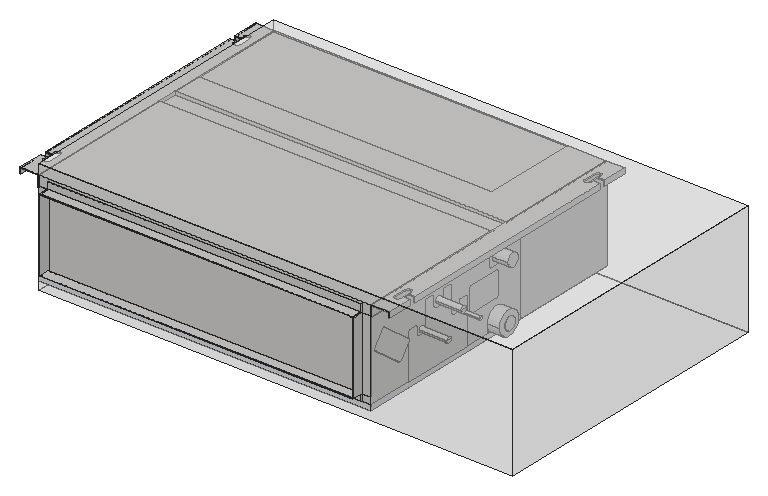
Revit family "outputfile", category 機械設備, Revit 2024
Family settings
  丸型コネクタ寸法 = 半径を使用
  パーツ タイプ = 標準
  OmniClass 番号 = 23.75.10.24.21.27.27
  OmniClass タイトル = Split System Air Conditioning Units
  作業面ベース = いいえ
  常に垂直 = はい
  ロード時にボイドで切り取り = いいえ
  注釈の向きを維持 = いいえ
  共有 = いいえ
  部屋計算ポイント = はい
Parameters (values of type "FPRQ32APVM")
  Description = ""
  書き出し IFC クラス(タイプ) = "IfcUnitaryEquipmentType"
  定義済み IFC タイプ(タイプ) = "AIRCONDITIONINGUNIT"
  Cost = 0
  Type Comments = ""
  Keynote = ""
  Type Image = (empty or 0)
  Assembly Code = ""
  w_RA Duct Size = RA Duct Size Width + 40.0 mm  # 620.0 mm
  r_HP/LP Gas Pipe Size = [HP/LP Gas Pipe Size] / 2  # 4.75 mm
  lw_HP/LP Gas Pipe Size = 60.0 mm  # constant formula
  lh_HP/LP Gas Pipe Size = -103.0 mm
  ld_HP/LP Gas Pipe Size = 131.0 mm
  製造元 = "Daikin"
  モデル = "FPRQ32APVM"
  w_pipe = 33.0 mm
  r_Liquid Pipe Size = Liquid Pipe Size / 2  # 3.2 mm
  r_Gas Pipe Size = Gas Pipe Size / 2  # 6.35 mm
  r_Drain Pipe Size = Drain Pipe Size / 2  # 13.0 mm
  lw_powersupply = 304.0 mm
  lh_suctionflange [instance] = if(Rear Connection_Return Air, 100.0 mm + [h***], 190.0 mm + [h***])  # 100.0 mm
  ld_suctionflange [instance] = if(Rear Connection_Return Air, 190.0 mm, 100.0 mm)  # 190.0 mm
  ld_powersupply = 60.0 mm
  angle_vertical_RA [instance] = if(Rear Connection_Return Air, 90.00°, 0.00°)  # 90.00°
  angle horizontal_RA [instance] = if(Rear Connection_Return Air, 180.00°, 270.00°)  # 180.00°
  Voltage_comment_60Hz = "220-230"
  Voltage_comment_50Hz = "220 - 240"
  Voltage_60Hz = 220 V
  Voltage_50Hz = 230 V
  URL = ""
  Supply Air Direction [instance] = yes
  Sound Power Level_H speed (dB) = 0
  Rear Connection_Return Air [instance] = not(Bottom Connection_Return Air)  # yes
  RA_length = 190.0 mm  # constant formula
  Phase_60Hz = 1
  Phase_50Hz = 1
  Minimum External Static Pressure = 0.00 Pa
  Minimum Circuit Amps_60Hz = 0.48 A
  Minimum Circuit Amps_50Hz = 0.48 A
  Maximum Fuse Amps_60Hz = 16.0 A
  Maximum Fuse Amps_50Hz = 16.0 A
  Maximum External Static Pressure = 40.00 Pa
  Material_Casing = DAIKIN_GalvanizedSteel_Casing_indoorunit
  lw_liquidpipe = 54.5 mm  # constant formula
  lw_gaspipe = 54.5 mm  # constant formula
  lw_mountinghole_pitch = Width + 40.0 mm  # 740.0 mm
  lw_mountinghole = 20.0 mm  # constant formula
  lw_drainpipe = 33.0 mm  # constant formula
  lh_powersupply = 10.0 mm
  lh_liquidpipe = 97.0 mm
  lh_gaspipe = 133.0 mm
  lh_mountinghole = Height + [h***]  # 200.0 mm
  lh_drainpipe = 50.0 mm
  lh_antena = 1.0 mm  # constant formula
  ld_liquidpipe = 221.0 mm  # constant formula
  ld_gaspipe = 176.0 mm  # constant formula
  ld_mountinghole_pitch = 500.0 mm  # constant formula
  ld_drainpipe = 287.0 mm  # constant formula
  ld_controlbox = 626.0 mm  # constant formula
  h*** = 0.0 mm  # constant formula
  d_dischargeflange = 22.2 mm  # constant formula
  Width = 700.0 mm
  Version = "ver.1.0"
  Unit Type = "Compact Moisture Control Ceiling Mounted Duct Type"
  Unit Mass Weight = 24.00 kg
  Unit Designation [instance] = ""
  Uniclass2015Version = "Products v1.30"
  Uniclass2015Title = "Variable refrigerant flow units"
  Uniclass2015Code = "Pr_70_65_03_94"
  Total Cooling Capacity [instance] = 0.000 kW
  Sound Pressure Level_M speed (dBA) = 29
  Sound Pressure Level_L speed (dBA) = 25
  Sound Pressure Level_H speed (dBA) = 32
  Series = "VRV HOME_Fan Coil Unit"
  Sensible Cooling Capacity [instance] = 0.000 kW
  SA Duct Size Width = 660.0 mm
  SA Duct Size Height = 153.0 mm
  Refrigerant Type = "R410A"
  RA Duct Size Width = 580.0 mm
  RA Duct Size Height = 160.0 mm
  Power Input (Cooling) = 0.036 kW
  Option Accessory 3 [instance] = ""
  Option Accessory 2 [instance] = ""
  Option Accessory 1 [instance] = ""
  Nominal Cooling Capacity = 3.600 kW
  Minimum Airflow = 348.00 m³/h
  Median Airflow = 408.00 m³/h
  Maximum Airflow = 498.00 m³/h
  Load Classification = HVAC
  Liquid Pipe Size = 6.4 mm
  Link_Nested Family [instance] = ""
  IfcVersion = ""
  IfcExportType = "AIRCONDITIONINGUNIT"
  IfcExportAs = "IfcUnitaryEquipmentType"
  Height = 200.0 mm
  Heat Exchanger Type = "Cross Fin Coil"
  HP/LP Gas Pipe Size = 9.5 mm
  Gas Pipe Size = 12.7 mm
  Frequency_60Hz = 60 Hz
  Frequency_50Hz = 50 Hz
  Fan Type = "Sirocco Fan"
  Fan Drive = "Direct Drive"
  FCU Tag No. [instance] = ""
  Drain Pipe Size = 26.0 mm
  Design Supply Airflow [instance] = 0.00 m³/h
  Design Return Airflow [instance] = 0.00 m³/h
  Design External Static Pressure [instance] = 0.00 Pa
  Depth = 620.0 mm
  既定の高さ = 0.0 mm
  Cooling Entering Wet Bulb Temperature [instance] = 0.00 °C
  Cooling Entering Dry Bulb Temperature [instance] = 0.00 °C
  Cooling Ambient Wet Bulb Temperature [instance] = 0.00 °C
  Cooling Ambient Dry Bulb Temperature [instance] = 0.00 °C
  Clearance visibility [instance] = yes
  Clearance Top = 20.0 mm
  Clearance Right = 300.0 mm
  Clearance Rear = 0.0 mm
  Clearance Left = 0.0 mm
  Clearance Front = 0.0 mm
  Clearance Bottom = 20.0 mm
  Bottom Connection_Return Air [instance] = no
Reference planes
  plane 1 "Center (Front/Back)": y = 0
  plane 2: z = 0
  plane 3 "Center (Left/Right)": x = 0
  plane 4 "Back": y = 310
  plane 5 "Front": y = -310
  plane 6 "Left": x = -350
  plane 7 "Right": x = 350
  plane 8 "Top": z = 0
  plane 9 "Bottom": z = -200
  plane 10: x = 330
  plane 11: x = -330
  plane 12: z = -190
  plane 13: z = -6
  plane 14: z = -22
  plane 15: z = -103
  plane 16: z = -67
  plane 17: x = -304
  plane 18: x = 304
  plane 19: x = -370
  plane 20: x = 370
  plane 21: y = -250
  plane 22: y = 250
  plane 23: x = -390
  plane 24: x = 390
  plane 25: x = 404.5
  plane 26: x = 404.5
  plane 27: x = 383
  plane 28: z = 0
  plane 29: z = -150
  plane 30 "Clearance Left": x = -350
  plane 31 "Clearance Right": x = 650
  plane 32 "Clearance Rear": y = 310
  plane 33 "Clearance Front": y = -310
  plane 34 "Clearance Top": z = 20
  plane 35 "Clearance Bottom": z = -220
  plane 36: z = -21
  plane 37: z = -50
  plane 38: z = -96.5
  plane 39: x = -40
  plane 40: y = -134
  plane 41: y = -89
  plane 42: y = -30
  plane 43: y = 23
  plane 44: z = -97.5
  plane 45: y = -309
  plane 46: x = -349
  plane 47: z = -100
  plane 48: z = -30
  plane 49: y = 210
  plane 50: z = 301
  plane 51: z = -199
  plane 52: y = 120
  plane 53: z = -101
  plane 54: x = 380
  plane 55: z = 11
  plane 56: z = 102.5
  plane 57: y = -179
Forms (mm)
  Extrusion 1, solid
    sketch origin (0, 0, 0) x (1, 0, 0) y (0, 0, 1)
      loop
        line (-350, -189.537) -> (-350, -200) -> (350, -200) -> (350, -189.537) -> (-350, -189.537)
    from -84 to 310
  Extrusion 2, solid, material "DAIKIN_GalvanizedSteel_Casing_indoorunit" <- "Material_Casing"
    sketch origin (0, 0, 0) x (1, 0, 0) y (0, 1, 0)
      loop
        line (-350, -310) -> (350, -310) -> (350, 310) -> (-350, 310) -> (-350, -310)
    from -200 to 0
  Extrusion 3, void
    sketch origin (0, 0, 1) x (1, 0, 0) y (0, 1, 0)
      loop
        line (-350, 48) -> (-350, 6) -> (350, 6) -> (350, 48) -> (-350, 48)
    from -1 to -7
  Extrusion 4, void
    sketch origin (350, 0, 0) x (0, 1, 0) y (0, 0, 1)
      loop
        line (44.5, -189.537) -> (44.5, -170)
        arc (44.5, -170) -> (20, -145.5) -> (-4.5, -170) r 24.5
        line (-4.5, -170) -> (-4.5, -189.537) -> (44.5, -189.537)
    from -1 to 0
  Revolve 5, solid, material "DAIKIN_GalvanizedSteel_Casing_indoorunit" <- "Material_Casing"
    sketch origin (0, 0, -67) x (0, -1, 0) y (1, 0, 0)
      loop
        line (127.65, 351) -> (134, 351) -> (134, 404.5) -> (127.65, 404.5) -> (127.65, 351)
      axis (134, 351) -> (134, 404.5)
    angle from 0 to 360
  Revolve 6, solid, material "DAIKIN_GalvanizedSteel_Casing_indoorunit" <- "Material_Casing"
    sketch origin (0, 0, -103) x (0, -1, 0) y (1, 0, 0)
      loop
        line (89, 351) -> (89, 404.5) -> (85.8, 404.5) -> (85.8, 351) -> (89, 351)
      axis (89, 404.5) -> (89, 351)
    angle from 0 to 360
  Extrusion 7, solid, material "DAIKIN_GalvanizedSteel_Casing_indoorunit" <- "Material_Casing"
    sketch origin (350, 0, 0) x (0, 1, 0) y (0, 0, 1)
      loop
        circle (23, -50) r 13
    from 0 to 33
  Extrusion 8, solid, material "DAIKIN_GalvanizedSteel_Casing_indoorunit" <- "Material_Casing"
    sketch origin (0, 0, 0) x (1, 0, 0) y (0, 0, 1)
      loop
        line (-350, -189.537) -> (-350, -200) -> (350, -200) -> (350, -189.537) -> (-350, -189.537)
    from -84 to 310
  Extrusion 9, solid, material "DAIKIN_GalvanizedSteel_Casing_indoorunit" <- "Material_Casing", visible <- "Bottom Connection_Return Air"
    sketch origin (0, 0, 0) x (1, 0, 0) y (0, 0, 1)
      loop
        line (269, -200) -> (269, -1) -> (-349, -1) -> (-349, -200) -> (269, -200)
    from -310 to -309
  Extrusion 10, void
    sketch origin (0, 0, 0) x (1, 0, 0) y (0, 0, 1)
      loop
        line (269, 0) -> (-349, 0) -> (-349, -1) -> (269, -1) -> (269, 0)
    from -310 to -111
  Extrusion 11, solid, material "DAIKIN_GalvanizedSteel_Casing_indoorunit" <- "Material_Casing", visible <- "Rear Connection_Return Air"
    sketch origin (0, 0, 0) x (1, 0, 0) y (0, 1, 0)
      loop
        line (-349, 310) -> (-349, 111) -> (269, 111) -> (269, 310) -> (-349, 310)
    from -200 to -199
  Extrusion 12, solid, material "DAIKIN_GalvanizedSteel_Casing_indoorunit" <- "Material_Casing"
    sketch origin (350, 0, 0) x (0, 1, 0) y (0, 0, 1)
      loop
        line (310, -22.445) -> (86.953, -22.445)
        arc (86.953, -22.445) -> (84.831, -23.324) -> (83.953, -25.445) r 3
        line (83.953, -25.445) -> (83.953, -195.005)
        arc (83.953, -195.005) -> (84.831, -197.126) -> (86.953, -198.005) r 3
        line (86.953, -198.005) -> (310, -198.005) -> (310, -22.445)
    from 1 to 0
  Extrusion 13, void
    sketch origin (350, 0, 0) x (0, 1, 0) y (0, 0, 1)
      loop
        arc (38.961, -70.949) -> (42.488, -69.488) -> (43.949, -65.961) r 4.988
        line (43.949, -65.961) -> (43.949, -34.039)
        arc (43.949, -34.039) -> (42.488, -30.512) -> (38.961, -29.051) r 4.988
        line (38.961, -29.051) -> (7.039, -29.051)
        arc (7.039, -29.051) -> (3.512, -30.512) -> (2.051, -34.039) r 4.988
        line (2.051, -34.039) -> (2.051, -65.961)
        arc (2.051, -65.961) -> (3.512, -69.488) -> (7.039, -70.949) r 4.988
        line (7.039, -70.949) -> (38.961, -70.949)
    from 0 to -1
  Extrusion 14, solid, material "DAIKIN_GalvanizedSteel_Casing_indoorunit" <- "Material_Casing"
    sketch origin (350, 0, 0) x (0, 1, 0) y (0, 0, 1)
      loop
        circle (20, -170) r 24.5
    from 27 to -1
  Extrusion 15, solid, material "DAIKIN_GalvanizedSteel_Casing_indoorunit" <- "Material_Casing"
    sketch origin (350, 0, 0) x (0, 1, 0) y (0, 0, 1)
      loop
        circle (20, -170) r 13
    from 30 to 27
  Revolve 16, solid, material "DAIKIN_GalvanizedSteel_Casing_indoorunit" <- "Material_Casing"
    sketch origin (0, -90, -103) x (0, -1, 0) y (1, 0, 0)
      loop
        line (89, 351) -> (89, 410) -> (84.25, 410) -> (84.25, 351) -> (89, 351)
      axis (89, 410) -> (89, 351)
    angle from 0 to 360
  Extrusion 17, solid, material "DAIKIN_GalvanizedSteel_Casing_indoorunit" <- "Material_Casing"
    sketch origin (350, 0, 0) x (0, 1, 0) y (0, 0, 1)
      loop
        line (-211.205, -110.811) -> (-211.205, -106.897) -> (-275.959, -56.305)
        arc (-275.959, -56.305) -> (-277.067, -55.998) -> (-278.067, -56.564) r 1.502
        line (-278.067, -56.564) -> (-301.436, -86.475)
        arc (-301.436, -86.475) -> (-302.05, -88.69) -> (-300.919, -90.691) r 3.003
        line (-300.919, -90.691) -> (-237.814, -139.993)
        arc (-237.814, -139.993) -> (-235.6, -140.607) -> (-233.599, -139.475) r 3.003
        line (-233.599, -139.475) -> (-211.205, -110.811)
      loop
        line (-50.992, -82.409) -> (-50.992, -128.409)
        arc (-50.992, -128.409) -> (-50.114, -130.53) -> (-47.992, -131.409) r 3
        line (-47.992, -131.409) -> (19.012, -131.409)
        arc (19.012, -131.409) -> (21.133, -130.53) -> (22.012, -128.409) r 3
        line (22.012, -128.409) -> (22.012, -82.409)
        arc (22.012, -82.409) -> (21.133, -80.287) -> (19.012, -79.409) r 3
        line (19.012, -79.409) -> (-47.992, -79.409)
        arc (-47.992, -79.409) -> (-50.114, -80.287) -> (-50.992, -82.409) r 3
    from 0 to 1
  Extrusion 18, solid, material "DAIKIN_GalvanizedSteel_Casing_indoorunit" <- "Material_Casing"
    sketch origin (350, 0, 0) x (0, 1, 0) y (0, 0, 1)
      loop
        line (-58.882, -189.537) -> (-58.882, -94.397)
        arc (-58.882, -94.397) -> (-59.762, -92.274) -> (-61.885, -91.394) r 3.003
        line (-61.885, -91.394) -> (-74.026, -91.394)
        arc (-74.026, -91.394) -> (-76.15, -92.274) -> (-77.029, -94.397) r 3.003
        line (-77.029, -94.397) -> (-77.029, -103)
        arc (-77.029, -103) -> (-88.474, -114.959) -> (-100.924, -104.052) r 11.971
        line (-100.924, -104.052) -> (-100.924, -56.159)
        arc (-100.924, -56.159) -> (-101.804, -54.035) -> (-103.927, -53.156) r 3.003
        line (-103.927, -53.156) -> (-116.44, -53.156)
        arc (-116.44, -53.156) -> (-118.563, -54.035) -> (-119.443, -56.159) r 3.003
        line (-119.443, -56.159) -> (-119.443, -67)
        arc (-119.443, -67) -> (-134, -81.557) -> (-148.557, -67) r 14.557
        line (-148.557, -67) -> (-148.557, -56.159)
        arc (-148.557, -56.159) -> (-149.437, -54.035) -> (-151.56, -53.156) r 3.003
        line (-151.56, -53.156) -> (-164.073, -53.156)
        arc (-164.073, -53.156) -> (-166.196, -54.035) -> (-167.076, -56.159) r 3.003
        line (-167.076, -56.159) -> (-167.076, -103)
        arc (-167.076, -103) -> (-179.13, -115.055) -> (-191.185, -103) r 12.055
        line (-191.185, -103) -> (-191.185, -94.397)
        arc (-191.185, -94.397) -> (-192.064, -92.274) -> (-194.188, -91.394) r 3.003
        line (-194.188, -91.394) -> (-208.202, -91.394)
        arc (-208.202, -91.394) -> (-210.325, -92.274) -> (-211.205, -94.397) r 3.003
        line (-211.205, -94.397) -> (-211.205, -189.537) -> (-58.882, -189.537)
    from 0 to 1
Cuts and joins
  Extrusion 3, Extrusion 4, Extrusion 10, Extrusion 13 cuts Extrusion 2
  Extrusion 4 cuts Extrusion 1
  Extrusion 10 cuts Extrusion 8
Dimensions and locks
  "lh_powersupply": plane 12 to plane 9 "Bottom"
  locked: plane 8 "Top" to plane 13 at 6
  "Height": plane 8 "Top" to plane 9 "Bottom"
  equal spacing: plane 17, plane 3 "Center (Left/Right)", plane 18, locked at 304 each
  plane 17 to plane 18 = 608.0 mm
  equal spacing: plane 19, plane 3 "Center (Left/Right)", plane 20
  "lw_mountinghole_pitch": plane 19 to plane 20
  locked: plane 14 to plane 9 "Bottom" at 178
  "lw_mountinghole": plane 23 to plane 19
  "lh_liquidpipe": plane 15 to plane 9 "Bottom"
  "lh_gaspipe": plane 16 to plane 9 "Bottom"
  "lh_mountinghole": plane 28 to plane 9 "Bottom"
  "ld_mountinghole_pitch": plane 22 to plane 21
  equal spacing: plane 6 "Left", plane 3 "Center (Left/Right)", plane 7 "Right"
  "Width": plane 6 "Left" to plane 7 "Right"
  "lh_drainpipe": plane 29 to plane 9 "Bottom"
  "Clearance Right": plane 7 "Right" to plane 31 "Clearance Right"
  "Clearance Left": plane 30 "Clearance Left" to plane 6 "Left"
  "lw_gaspipe": plane 7 "Right" to plane 26
  "lw_liquidpipe": plane 7 "Right" to plane 25
  "lw_drainpipe": plane 7 "Right" to plane 27
  "Clearance Rear": plane 32 "Clearance Rear" to plane 4 "Back"
  "Clearance Front": plane 5 "Front" to plane 33 "Clearance Front"
  "Clearance Top": plane 34 "Clearance Top" to plane 8 "Top"
  "Clearance Bottom": plane 9 "Bottom" to plane 35 "Clearance Bottom"
  "lw_powersupply": plane 3 "Center (Left/Right)" to plane 18
  locked: plane 8 "Top" to plane 36 at 21
  "lh_drainpipe": plane 8 "Top" to plane 37
  locked: plane 38 to plane 9 "Bottom" at 103.5
  locked: plane 36 to plane 44 at 76.5
  "Depth": plane 4 "Back" to plane 5 "Front"
  equal spacing: plane 4 "Back", plane 1 "Center (Front/Back)", plane 5 "Front"
  locked: plane 45 to plane 5 "Front" at 1
  locked: plane 46 to plane 6 "Left" at 1
  Extrusion 9 sketch curve to Extrusion 9 sketch curve = 199.0 mm
  nested 12 to plane 39 = 290.0 mm
  locked: plane 12 to plane 47 at 90
  plane 32 "Clearance Rear" to Extrusion 9 = 1.0 mm
  locked: plane 48 to plane 35 "Clearance Bottom" at 190
  plane 49 to nested 13 = 80.0 mm
  plane 50 to plane 28 = 301.0 mm
  locked: plane 51 to plane 9 "Bottom" at 1
  "ld_suctionflange": plane 4 "Back" to plane 52
  locked: plane 53 to plane 9 "Bottom" at 99
  locked: plane 54 to plane 7 "Right" at 30
  "r_Gas Pipe Size": Revolve 5 sketch curve to Revolve 5 sketch curve
  "ld_gaspipe": plane 40 to plane 5 "Front"
  "r_Liquid Pipe Size": Revolve 6 sketch curve to plane 41
  "ld_liquidpipe": plane 41 to plane 5 "Front"
  "ld_drainpipe": plane 4 "Back" to plane 43
  "r_HP/LP Gas Pipe Size": Revolve 16 sketch curve to plane 57
  "ld_HP/LP Gas Pipe Size": plane 57 to plane 5 "Front"
  plane 8 "Top" to plane 15 = 103.0 mm
  Extrusion 3 sketch curve to plane 5 "Front" = 316.0 mm
  locked: nested 11 to plane 7 "Right" at 19.5
  locked: plane 4 "Back" to nested 11 at 49.2
  locked: plane 7 "Right" to Extrusion 10 sketch curve at 81
  locked: plane 7 "Right" to Extrusion 9 sketch curve at 81
  "ld_gaspipe": Revolve 5 sketch curve to plane 5 "Front"
  plane 8 "Top" to Extrusion 13 sketch curve to Extrusion 13 sketch curve = 29.051 mm locked, 41.898 mm locked
  "r_Drain Pipe Size": radius of Extrusion 7 sketch curve
  aligned and locked: level to plane 2
  aligned and locked: Extrusion 2 to plane 9 "Bottom"
  aligned and locked: plane 8 "Top" to Extrusion 2
  aligned and locked: Revolve 5 sketch curve to Revolve 5 sketch curve
  aligned and locked: cut or joined group of Extrusion 1, Extrusion 4 to plane 9 "Bottom"
  aligned and locked: plane 25 to nested 6
  aligned and locked: nested 6 to plane 15
  aligned and locked: nested 2 to plane 22
  aligned and locked: plane 20 to nested 2
  aligned and locked: plane 20 to nested 3
  aligned and locked: plane 19 to nested 4
  aligned and locked: plane 22 to nested 5
  aligned and locked: nested 5 to plane 22
  aligned and locked: plane 19 to nested 5
  aligned and locked: plane 8 "Top" to nested 1
  aligned and locked: Extrusion 8 to plane 5 "Front"
  aligned and locked: Extrusion 8 to plane 9 "Bottom"
  aligned and locked: nested 7 to plane 16
  aligned and locked: plane 4 "Back" to nested 1
  aligned and locked: plane 40 to nested 7
  aligned and locked: plane 41 to nested 6
  aligned and locked: Extrusion 7 sketch curve to plane 43
  aligned and locked: nested 12 to plane 46
  aligned and locked: plane 4 "Back" to Extrusion 10
  aligned and locked: plane 8 "Top" to Extrusion 3
  aligned and locked: Extrusion 9 to cut or joined group of Extrusion 2, Extrusion 3, Extrusion 4, Extrusion 10, Extrusion 13
  aligned and locked: plane 9 "Bottom" to Extrusion 11  (x2)
  aligned and locked: Extrusion 11 to plane 51
  aligned and locked: plane 4 "Back" to nested 12
  aligned and locked: Extrusion 10 to level
  aligned and locked: plane 31 "Clearance Right" to nested 14
  aligned and locked: plane 30 "Clearance Left" to nested 14
  aligned and locked: nested 14 to plane 33 "Clearance Front"
  aligned and locked: nested 14 to plane 34 "Clearance Top"
  aligned and locked: nested 14 to plane 35 "Clearance Bottom"
  aligned and locked: plane 7 "Right" to Extrusion 12
  aligned and locked: Extrusion 3 to plane 13
  aligned and locked: plane 52 to nested 15
  aligned and locked: nested 8 to plane 37
  aligned and locked: nested 10 to plane 1 "Center (Front/Back)"
  aligned and locked: plane 46 to Extrusion 9
  aligned and locked: nested 12 to plane 51
  aligned and locked: plane 3 "Center (Left/Right)" to nested 10
  aligned and locked: plane 13 to nested 16
  aligned and locked: plane 44 to nested 9
  aligned and locked: level to plane 8 "Top"
  aligned and locked: plane 3 "Center (Left/Right)" to nested 1
  aligned and locked: Extrusion 2 sketch curve to plane 5 "Front"
  aligned and locked: plane 3 "Center (Left/Right)" to nested 16
  aligned and locked: plane 5 "Front" to nested 16
  aligned and locked: nested 9 to plane 5 "Front"
  aligned and locked: plane 41 to Revolve 6 sketch curve  (x2)
  aligned and locked: plane 57 to nested 17
  aligned and locked: plane 57 to Revolve 16 sketch curve  (x2)
  aligned and locked: Revolve 16 sketch curve to nested 17
  aligned and locked: nested 17 to plane 15
  aligned and locked: plane 7 "Right" to nested 7
  aligned and locked: plane 7 "Right" to nested 17
  aligned and locked: Extrusion 11 sketch curve to cut or joined group of Extrusion 2, Extrusion 3, Extrusion 4, Extrusion 10, Extrusion 13  (x2)
  aligned and locked: plane 46 to nested 13
  aligned and locked: plane 7 "Right" to nested 8
  aligned and locked: plane 43 to nested 8
  aligned and locked: nested 11 to plane 9 "Bottom"
  aligned and locked: plane 32 "Clearance Rear" to nested 14
Automatic sketch dimensions
  Extrusion 1 sketch curve to plane 6 "Left" = 0.0 mm
  Extrusion 1 sketch curve to plane 7 "Right" = 0.0 mm
  Extrusion 1 sketch curve to plane 9 "Bottom" = 0.0 mm
  plane 12 to Extrusion 1 sketch curve = 0.463 mm
  Extrusion 2 sketch curve to plane 4 "Back" = 0.0 mm
  Extrusion 2 sketch curve to plane 6 "Left" = 0.0 mm
  Extrusion 2 sketch curve to plane 7 "Right" = 0.0 mm
  Extrusion 3 sketch curve to plane 6 "Left" = 0.0 mm
  Extrusion 3 sketch curve to plane 7 "Right" = 0.0 mm
  plane 43 to Extrusion 3 sketch curve = 25.0 mm
  plane 1 "Center (Front/Back)" to Extrusion 4 sketch curve = 4.5 mm
  Extrusion 4 sketch curve to plane 43 = 3.0 mm
  plane 12 to Extrusion 4 sketch curve = 0.463 mm
  Extrusion 4 sketch curve to Extrusion 4 sketch curve = 19.537 mm
  Revolve 5 sketch curve to plane 25 = 0.0 mm
  plane 7 "Right" to Revolve 5 sketch curve = 1.0 mm
  Revolve 5 sketch curve to plane 39 = 57.997 mm
  plane 25 to Revolve 5 sketch curve = 1.003 mm
  Revolve 6 sketch curve to plane 25 = 0.0 mm  (x2)
  plane 7 "Right" to Revolve 6 sketch curve = 1.0 mm
  Revolve 6 sketch curve to Revolve 6 sketch curve = 0.0 mm
  Extrusion 8 sketch curve to plane 6 "Left" = 0.0 mm
  Extrusion 8 sketch curve to plane 7 "Right" = 0.0 mm
  Extrusion 8 sketch curve to plane 9 "Bottom" = 0.0 mm
  plane 12 to Extrusion 8 sketch curve = 0.463 mm
  plane 46 to Extrusion 9 sketch curve = 0.0 mm
  Extrusion 9 sketch curve to plane 9 "Bottom" = 0.0 mm
  plane 46 to Extrusion 10 sketch curve = 0.0 mm
  Extrusion 10 sketch curve to level = 0.0 mm
  Extrusion 10 sketch curve to level = 1.0 mm
  Extrusion 11 sketch curve to plane 46 = 0.0 mm
  Extrusion 11 sketch curve to plane 4 "Back" = 0.0 mm
  Extrusion 13 sketch curve to plane 1 "Center (Front/Back)" = 2.051 mm
  Extrusion 13 sketch curve to plane 1 "Center (Front/Back)" = 7.039 mm
  Extrusion 13 sketch curve to Extrusion 13 sketch curve = 4.988 mm
  plane 43 to Extrusion 13 sketch curve = 15.961 mm  (x2)
  plane 16 to Extrusion 13 sketch curve = 1.039 mm
  Extrusion 14 sketch curve to plane 43 = 3.0 mm
  plane 12 to Extrusion 14 sketch curve = 20.0 mm
  Extrusion 15 sketch curve to plane 43 = 3.0 mm
  plane 12 to Extrusion 15 sketch curve = 20.0 mm
  plane 45 to Extrusion 17 sketch curve = 7.564 mm
  plane 38 to Extrusion 17 sketch curve = 5.809 mm
  Extrusion 17 sketch curve to Extrusion 17 sketch curve = 0.518 mm  (x2)
  Extrusion 17 sketch curve to Extrusion 17 sketch curve = 2.366 mm  (x3)
  Extrusion 17 sketch curve to plane 37 = 6.564 mm
  Extrusion 17 sketch curve to plane 21 = 28.067 mm
  Extrusion 17 sketch curve to Extrusion 17 sketch curve = 1.183 mm
  Extrusion 17 sketch curve to plane 37 = 6.305 mm
  Extrusion 17 sketch curve to Extrusion 17 sketch curve = 0.924 mm
  plane 21 to Extrusion 17 sketch curve = 12.186 mm
  Extrusion 17 sketch curve to Extrusion 17 sketch curve = 1.849 mm
  plane 29 to Extrusion 17 sketch curve = 10.525 mm
  Extrusion 17 sketch curve to plane 15 = 7.811 mm
  Extrusion 17 sketch curve to plane 57 = 32.205 mm
  Extrusion 17 sketch curve to plane 42 = 20.992 mm
  Extrusion 17 sketch curve to Extrusion 17 sketch curve = 3.0 mm  (x2)
  Extrusion 17 sketch curve to plane 43 = 3.988 mm  (x2)
  Extrusion 17 sketch curve to plane 43 = 0.988 mm
  plane 29 to Extrusion 17 sketch curve = 18.591 mm
  Extrusion 17 sketch curve to plane 15 = 3.897 mm
  plane 38 to Extrusion 17 sketch curve = 14.091 mm
  Extrusion 18 sketch curve to plane 15 = 0.0 mm  (x2)
  Extrusion 18 sketch curve to plane 16 = 0.0 mm  (x3)
  Extrusion 18 sketch curve to plane 41 = 0.0 mm
  Extrusion 18 sketch curve to plane 41 = 11.924 mm  (x2)
  Extrusion 18 sketch curve to plane 15 = 1.052 mm
  Extrusion 18 sketch curve to Extrusion 18 sketch curve = 3.003 mm  (x8)
  Extrusion 18 sketch curve to plane 37 = 3.156 mm  (x2)
  Extrusion 18 sketch curve to Extrusion 18 sketch curve = 12.513 mm  (x2)
  Extrusion 18 sketch curve to plane 37 = 6.159 mm  (x4)
  Extrusion 18 sketch curve to Extrusion 18 sketch curve = 0.0 mm  (x6)
  Extrusion 18 sketch curve to plane 40 = 0.0 mm
  plane 57 to Extrusion 18 sketch curve = 11.924 mm
  Extrusion 18 sketch curve to plane 57 = 0.13 mm
  plane 38 to Extrusion 18 sketch curve = 2.103 mm  (x5)
  Extrusion 18 sketch curve to Extrusion 18 sketch curve = 14.014 mm
  plane 12 to Extrusion 18 sketch curve = 0.463 mm
  Extrusion 18 sketch curve to plane 57 = 32.205 mm
  plane 38 to Extrusion 18 sketch curve = 5.106 mm
  Extrusion 18 sketch curve to Extrusion 18 sketch curve = 12.141 mm
  Extrusion 18 sketch curve to plane 42 = 28.882 mm
  Extrusion 12 sketch curve to plane 4 "Back" = 0.0 mm
  plane 51 to Extrusion 12 sketch curve = 0.995 mm
  Extrusion 12 sketch curve to plane 52 = 33.047 mm  (x2)
  Extrusion 12 sketch curve to plane 14 = 3.445 mm
  Extrusion 12 sketch curve to Extrusion 12 sketch curve = 3.0 mm
  Extrusion 7 sketch curve to plane 37 = 0.0 mm
  Revolve 16 sketch curve to plane 25 = 0.0 mm
  plane 7 "Right" to Revolve 16 sketch curve = 1.0 mm
  Revolve 16 sketch curve to Revolve 16 sketch curve = 0.0 mm
  radius of Extrusion 14 sketch curve = 24.5 mm
  radius of Extrusion 15 sketch curve = 13.0 mm
Nested families
  nested 1: "daikin_hangerfixture_FPRQ-APVM" at (0, 0, 0), type "daikin_hangerfixture_FPRQ-APVM"
  nested 2: "daikin_mountinghole" at (370, 250, -200), l_antenna <- "lh_antena", Link_Nested Family <- "Link_Nested Family", h_mountinghole <- "lh_mountinghole", type "daikin_mountinghole"
    with show yes, l_antenna 1.0 mm, h_mountinghole 200.0 mm, Link_Nested Family ""
  nested 3: "daikin_mountinghole" at (370, -250, -200), Link_Nested Family <- "Link_Nested Family", l_antenna <- "lh_antena", h_mountinghole <- "lh_mountinghole", type "daikin_mountinghole"
    with show yes, l_antenna 1.0 mm, h_mountinghole 200.0 mm, Link_Nested Family ""
  nested 4: "daikin_mountinghole" at (-370, -250, -200), l_antenna <- "lh_antena", Link_Nested Family <- "Link_Nested Family", h_mountinghole <- "lh_mountinghole", type "daikin_mountinghole"
    with show yes, l_antenna 1.0 mm, h_mountinghole 200.0 mm, Link_Nested Family ""
  nested 5: "daikin_mountinghole" at (-370, 250, -200), l_antenna <- "lh_antena", Link_Nested Family <- "Link_Nested Family", h_mountinghole <- "lh_mountinghole", type "daikin_mountinghole"
    with show yes, l_antenna 1.0 mm, h_mountinghole 200.0 mm, Link_Nested Family ""
  nested 6: "daikin_connector_rotate2" at (350, -89, -103) x (0, 1, 0) z (0, 0, 1), length <- "lw_liquidpipe", built-in parameter 1001364 <- "lh_liquidpipe", radius <- "r_Liquid Pipe Size", type "daikin_connector_rotate2"
    with radius 3.2 mm, length 54.5 mm, angle_vertical 90.00°
  nested 7: "daikin_connector_rotate2" at (350, -134, -67) x (0, 1, 0) z (0, 0, 1), length <- "lw_gaspipe", built-in parameter 1001364 <- "lh_gaspipe", radius <- "r_Gas Pipe Size", type "daikin_connector_rotate2"
    with radius 6.35 mm, length 54.5 mm, angle_vertical 90.00°
  nested 8: "daikin_connector_rotate2" at (350, 23, -50) x (0, 1, 0) z (0, 0, 1), built-in parameter 1001364 <- "lh_drainpipe", radius <- "r_Drain Pipe Size", length <- "lw_drainpipe", type "daikin_connector_rotate2"
    with radius 13.0 mm, length 33.0 mm, angle_vertical 90.00°
  nested 9: "daikin_connector_rotate2" at (0, -310, -97.5), length <- "d_dischargeflange", type "daikin_connector_rotate2"
    with radius 10.0 mm, length 22.2 mm, angle_vertical 90.00°
  nested 10: "daikin_△_symbolicline" at (-75, -129.904, 200) x (-0.5, 0.866, 0) z (0, 0, 1), built-in parameter 1001364 <- "Height", visible <- "Supply Air Direction", type "daikin_△_symbolicline"
    with length 300.0 mm
  nested 11: "daikin_connector_rotate2" at (330.5, 260.8, -140) x (-1, 0, 0) z (0, 0, 1), type "daikin_connector_rotate2"
    with radius 10.0 mm, length 60.0 mm, angle_vertical 0.00°
  nested 12: "daikin_ductflange_FPRQ-APVM_2" at (-40, 310, -100), material <- "Material_Casing", visible <- "Rear Connection_Return Air", height <- "RA Duct Size Height", width <- "w_RA Duct Size", type "daikin_ductflange_FPRQ-APVM_2"
    with width 620.0 mm, material DAIKIN_GalvanizedSteel_Casing_indoorunit, height 160.0 mm, depth 21.2 mm
  nested 13: "daikin_ductflange_FPRQ-APVM_2" at (-40, 210, -200) x (1, 0, 0) z (0, 1, 0), material <- "Material_Casing", visible <- "Bottom Connection_Return Air", width <- "w_RA Duct Size", height <- "RA Duct Size Height", type "daikin_ductflange_FPRQ-APVM_2"
    with width 620.0 mm, material DAIKIN_GalvanizedSteel_Casing_indoorunit, height 160.0 mm, depth 21.2 mm
  nested 14: "daikin_clearancespace" at (150, 0, -99.881), visible <- "Clearance visibility", show <- "Clearance visibility", Link_Nested Family <- "Link_Nested Family", type "daikin_clearancespace"
    with width 1000.0 mm, show yes, height 240.0 mm, depth 620.0 mm, Link_Nested Family ""
  nested 15: "daikin_connector_rotate3" at (-40, 120, -100), built-in parameter 1001364 <- "lh_suctionflange", angle_vertical <- "angle_vertical_RA", angle_horizontal <- "angle horizontal_RA", length <- "RA_length", type "daikin_connector_rotate3"
    with show no, radius 10.0 mm, length 190.0 mm, angle_vertical 90.00°, angle_horizontal 180.00°
  nested 16: "daikin_ductflange_FPRQ-APVM_1" at (0, 3.5, -364.201), width <- "SA Duct Size Width", type "daikin_ductflange_FPRQ-APVM_1"
    with width 660.0 mm, material DAIKIN_GalvanizedSteel_Casing_indoorunit, height 155.0 mm, depth 22.2 mm
  nested 17: "daikin_connector_rotate2" at (350, -179, -103) x (0, 1, 0) z (0, 0, 1), length <- "lw_HP/LP Gas Pipe Size", built-in parameter 1001364 <- "lh_HP/LP Gas Pipe Size", radius <- "r_HP/LP Gas Pipe Size", type "daikin_connector_rotate2"
    with radius 4.75 mm, length 60.0 mm, angle_vertical 90.00°
Connectors
  piping at (404.5, -134, -67), diameter 12.7, driven by "r_Gas Pipe Size"
    settings: on nested 7, index 1, connector inside diameter 609.6 mm, connector length 0.0 mm, flow factor 0, pipe flow 0.00 m³/h, pressure drop 0.0 Pa, fitting loss kfactor 0, connector angle 0.00°, fixture units 0, engagement length 0.0 mm, angle of deflection 0.00°, flow configuration 1, flow direction 2, fitting loss method 0, system type 29, joint type 0, gender type 0, connector reference index -1, connector utility 0, adjustable connector no, is connector primary yes, connector description "Refrigerant Gas Piping"
  piping at (404.5, -89, -103), diameter 6.4, driven by "r_Liquid Pipe Size"
    settings: on nested 6, index 2, connector inside diameter 609.6 mm, connector length 0.0 mm, flow factor 0, pipe flow 0.00 m³/h, pressure drop 0.0 Pa, fitting loss kfactor 0, connector angle 0.00°, fixture units 0, engagement length 0.0 mm, angle of deflection 0.00°, flow configuration 1, flow direction 1, fitting loss method 0, system type 29, joint type 0, gender type 0, connector reference index -1, connector utility 0, adjustable connector no, is connector primary no, connector description "Refrigerant Liquid Piping"
  piping at (383, 23, -50), diameter 26, driven by "r_Drain Pipe Size"
    settings: on nested 8, index 3, connector inside diameter 609.6 mm, connector length 0.0 mm, flow factor 0, pipe flow 0.00 m³/h, pressure drop 0.0 Pa, fitting loss kfactor 0, connector angle 0.00°, fixture units 0, engagement length 0.0 mm, angle of deflection 0.00°, flow configuration 1, flow direction 2, fitting loss method 4, system type 16, joint type 0, gender type 0, connector reference index -1, connector utility 0, adjustable connector no, is connector primary no, connector description "Condensate Drain Piping"
  electrical at (330.5, 260.8, -200), driven by "Load Classification"
    settings: on nested 11, index 9, voltage 0 V, apparent load 0 VA, apparent load phase1 0 VA, apparent load phase2 0 VA, apparent load phase3 0 VA, power factor 1, load classification "HVAC", number of poles 1, system type 30, power factor state 1, is connector primary yes, connector utility no, sub classification motor no, connector description "Power Supply"
  hvac at (0, -332.2, -97.5), driven by "SA Duct Size Height", driven by "SA Duct Size Width"
    settings: on nested 9, index 11, duct flow 0.00 m³/h, flow factor 0, pres drop 0.00 Pa, loss coef 0, conn angle 0.00°, conn width 660.0 mm, conn height 153.0 mm, conn diameter 609.6 mm, duct sys type 1, conn prof type 1, flow config 0, flow direction 2, loss method 4, conn ref index -1, conn util no, is conn primary yes, conn desc "SA Duct"
  hvac at (-40, 310, -100), driven by "RA Duct Size Height", driven by "RA Duct Size Width"
    settings: on nested 15, index 12, duct flow 0.00 m³/h, flow factor 0, pres drop 0.00 Pa, loss coef 0, conn angle 0.00°, conn width 580.0 mm, conn height 160.0 mm, conn diameter 609.6 mm, duct sys type 2, conn prof type 1, flow config 0, flow direction 1, loss method 4, conn ref index -1, conn util no, is conn primary no, conn desc "RA Duct"
  piping at (404.5, -134, -67), diameter 12.7, driven by "r_Gas Pipe Size"
    settings: on nested 7, index 13, connector inside diameter 609.6 mm, connector length 0.0 mm, flow factor 0, pipe flow 0.00 m³/h, pressure drop 0.0 Pa, fitting loss kfactor 0, connector angle 0.00°, fixture units 0, engagement length 0.0 mm, angle of deflection 0.00°, flow configuration 1, flow direction 2, fitting loss method 0, system type 29, joint type 0, gender type 0, connector reference index -1, connector utility 0, adjustable connector no, is connector primary no, connector description "Refrigerant Gas Piping"
  piping at (410, -179, -103), diameter 9.5, driven by "r_HP/LP Gas Pipe Size"
    settings: on nested 17, index 14, connector inside diameter 609.6 mm, connector length 0.0 mm, flow factor 0, pipe flow 0.00 m³/h, pressure drop 0.0 Pa, fitting loss kfactor 0, connector angle 0.00°, fixture units 0, engagement length 0.0 mm, angle of deflection 0.00°, flow configuration 1, flow direction 0, fitting loss method 0, system type 29, joint type 0, gender type 0, connector reference index -1, connector utility 0, adjustable connector no, is connector primary no, connector description "Refrigerant HP/LP Gas Piping"
Definition of nested family "daikin_hangerfixture_FPRQ-APVM"
  Parameters (values of type "daikin_hangerfixture_FXDQ-PDVT4")
    width = 700.0 mm
    material = none
    height = 65.0 mm
    depth = 620.0 mm
    Default Elevation = 0.0 mm
  Reference planes
    plane 1 "Center (Front/Back)": y = 0
    plane 2: z = 0
    plane 3 "Center (Left/Right)": x = 0
    plane 4: x = 350
    plane 5: y = 310
    plane 6: y = -310
    plane 7: x = -350
  Forms (mm)
    Extrusion 1, solid, material <- "material"
      sketch origin (0, 0, 0) x (1, 0, 0) y (0, 0, 1)
        loop
          line (350, 0) -> (350, -24.477) -> (351.56, -22.917) -> (351.56, -1.56) -> (387.944, -1.56) -> (387.944, -11.312) -> (389.504, -11.312) -> (389.504, 0) -> (350, 0)
      from -310 to 310
    Extrusion 2, void
      sketch origin (0, 0, 0) x (0, 1, 0) y (0, 0, 1)
        loop
          line (310, -30) -> (310, -17.979) -> (87.935, -17.979) -> (75.914, -30) -> (310, -30)
      from 0 to 618
    Extrusion 3, void
      sketch origin (0, 0, 0) x (1, 0, 0) y (0, 1, 0)
        loop
          line (390, -243.5) -> (377, -243.5) -> (377, -237)
          arc (377, -237) -> (370, -230) -> (363, -237) r 7
          line (363, -237) -> (363, -263)
          arc (363, -263) -> (370, -270) -> (377, -263) r 7
          line (377, -263) -> (377, -256.5) -> (390, -256.5) -> (390, -243.5)
        loop
          line (390, 243.5) -> (390, 256.5) -> (377, 256.5) -> (377, 263)
          arc (377, 263) -> (370, 270) -> (363, 263) r 7
          line (363, 263) -> (363, 237)
          arc (363, 237) -> (370, 230) -> (377, 237) r 7
          line (377, 237) -> (377, 243.5) -> (390, 243.5)
      from -254.96 to 618
    Extrusion 4, solid, material <- "material"
      sketch origin (0, 0, 0) x (-1, 0, 0) y (0, 0, -1)
        loop
          line (350, 0) -> (389.504, 0) -> (389.504, 11.312) -> (387.944, 11.312) -> (387.944, 1.56) -> (351.56, 1.56) -> (351.56, 22.917) -> (350, 24.477) -> (350, 0)
      from -310 to 310
    Extrusion 5, void
      sketch origin (0, 0, 0) x (-1, 0, 0) y (0, -1, 0)
        loop
          line (390, 243.5) -> (390, 256.5) -> (377, 256.5) -> (377, 263)
          arc (377, 263) -> (370, 270) -> (363, 263) r 7
          line (363, 263) -> (363, 237)
          arc (363, 237) -> (370, 230) -> (377, 237) r 7
          line (377, 237) -> (377, 243.5) -> (390, 243.5)
        loop
          line (390, -243.5) -> (377, -243.5) -> (377, -237)
          arc (377, -237) -> (370, -230) -> (363, -237) r 7
          line (363, -237) -> (363, -263)
          arc (363, -263) -> (370, -270) -> (377, -263) r 7
          line (377, -263) -> (377, -256.5) -> (390, -256.5) -> (390, -243.5)
      from -254.96 to 618
  Cuts and joins
    Extrusion 2, Extrusion 3, Extrusion 5 cuts Extrusion 1
    Extrusion 5 cuts Extrusion 4
  Dimensions and locks
    equal spacing: plane 5, plane 1 "Center (Front/Back)", plane 6
    "depth": plane 5 to plane 6
    plane 6 to plane 1 "Center (Front/Back)" to plane 5 = 310.0 mm, 310.0 mm
    locked: Extrusion 1 sketch curve to plane 4 at 1.56
    locked: level to Extrusion 1 sketch curve at 1.56
    locked: Extrusion 1 sketch curve to plane 4 at 39.504
    locked: level to Extrusion 1 sketch curve at 11.312
    locked: Extrusion 1 sketch curve to Extrusion 1 sketch curve at 1.56
    locked: level to Extrusion 1 sketch curve at 24.477
    equal spacing: plane 7, plane 3 "Center (Left/Right)", plane 4
    "width": plane 7 to plane 4
    locked: plane 7 to Extrusion 4 sketch curve at 1.56
    locked: level to Extrusion 4 sketch curve at 11.312
    locked: plane 7 to Extrusion 4 sketch curve at 39.504
    locked: Extrusion 4 sketch curve to Extrusion 4 sketch curve at 1.56
    locked: plane 2 to Extrusion 4 sketch curve at 1.56
    locked: plane 2 to Extrusion 4 sketch curve at 24.477
    locked: Extrusion 5 sketch curve to plane 7 at 13
    aligned and locked: level to plane 2
    aligned and locked: plane 5 to Extrusion 1
    aligned and locked: Extrusion 1 to plane 6
    aligned and locked: Extrusion 1 to plane 4
    aligned and locked: plane 5 to cut or joined group of Extrusion 1, Extrusion 2, Extrusion 3, Extrusion 5
    aligned and locked: cut or joined group of Extrusion 1, Extrusion 2, Extrusion 3, Extrusion 5 to plane 6
    aligned and locked: level to cut or joined group of Extrusion 1, Extrusion 2, Extrusion 3, Extrusion 5
    aligned and locked: plane 5 to cut or joined group of Extrusion 4, Extrusion 5
    aligned and locked: cut or joined group of Extrusion 4, Extrusion 5 to plane 6
    aligned and locked: Extrusion 1 sketch curve to level
    aligned and locked: Extrusion 4 sketch curve to plane 7
    aligned and locked: plane 2 to Extrusion 4 sketch curve
  Automatic sketch dimensions
    Extrusion 2 sketch curve to plane 5 = 0.0 mm
    Extrusion 2 sketch curve to level = 17.979 mm
    Extrusion 2 sketch curve to plane 1 "Center (Front/Back)" = 87.935 mm
    Extrusion 2 sketch curve to level = 30.0 mm
    Extrusion 2 sketch curve to Extrusion 2 sketch curve = 12.021 mm
    plane 4 to Extrusion 3 sketch curve = 13.0 mm  (x2)
    Extrusion 3 sketch curve to Extrusion 3 sketch curve = 7.0 mm  (x4)
    Extrusion 3 sketch curve to Extrusion 3 sketch curve = 13.0 mm  (x4)
    plane 6 to Extrusion 3 sketch curve = 47.0 mm
    Extrusion 3 sketch curve to Extrusion 3 sketch curve = 6.5 mm  (x4)
    Extrusion 3 sketch curve to plane 5 = 73.0 mm
    Extrusion 5 sketch curve to plane 5 = 73.0 mm
    plane 6 to Extrusion 5 sketch curve = 73.0 mm
    Extrusion 5 sketch curve to Extrusion 5 sketch curve = 7.0 mm  (x4)
    Extrusion 5 sketch curve to Extrusion 5 sketch curve = 13.0 mm  (x4)
    Extrusion 5 sketch curve to Extrusion 5 sketch curve = 6.5 mm  (x4)
    Extrusion 1 sketch curve to plane 4 = 0.0 mm
    Extrusion 1 sketch curve to Extrusion 1 sketch curve = 1.56 mm
    Extrusion 4 sketch curve to Extrusion 4 sketch curve = 1.56 mm
    Extrusion 5 sketch curve to plane 7 = 13.0 mm
Definition of nested family "daikin_ductflange_FPRQ-APVM_2"
  Parameters (values of type "daikin_ductflange_FPRQ-APVM_2")
    width [instance] = 620.0 mm
    material [instance] = none
    height [instance] = 160.0 mm
    depth [instance] = 21.2 mm
    Default Elevation = 0.0 mm
  Reference planes
    plane 1 "Center (Front/Back)": y = 0
    plane 2: z = 0
    plane 3 "Center (Left/Right)": x = 0
    plane 4: y = -313.5
    plane 5: y = -334.7
    plane 6: x = -310
    plane 7: x = 310
    plane 8: z = 80
    plane 9: z = -80
    plane 10: z = 100
    plane 11: z = -100
    plane 12: x = -309
    plane 13: x = 309
  Forms (mm)
    Extrusion 1, solid, material <- "material"
      sketch origin (0, 0, 0) x (1, 0, 0) y (0, 0, 1)
        loop
          line (-290, 80) -> (-290, -80) -> (290, -80) -> (290, 80) -> (-290, 80)
        loop
          line (-309, -99) -> (309, -99) -> (309, 99) -> (-309, 99) -> (-309, -99)
      from 0 to 1
  Dimensions and locks
    plane 4 to plane 1 "Center (Front/Back)" = 313.5 mm
    "depth": plane 5 to plane 4
    equal spacing: plane 7, plane 3 "Center (Left/Right)", plane 6, locked at 310 each
    "width": plane 7 to plane 6
    equal spacing: plane 8, level, plane 9
    "height": plane 8 to plane 9
    equal spacing: plane 10, level, plane 11, locked at 100 each
    locked: plane 10 to plane 11 at 200
    plane 12 to plane 6 = 1.0 mm
    locked: plane 7 to plane 13 at 1
    Extrusion 1 sketch curve to Extrusion 1 sketch curve = 19.0 mm  (x4)
    locked: plane 10 to Extrusion 1 sketch curve at 1
    locked: Extrusion 1 sketch curve to plane 11 at 1
    aligned and locked: level to plane 2
    aligned and locked: plane 8 to Extrusion 1
    aligned and locked: plane 9 to Extrusion 1
  Automatic sketch dimensions
    plane 6 to Extrusion 1 sketch curve = 1.0 mm
    Extrusion 1 sketch curve to plane 7 = 1.0 mm
Definition of nested family "daikin_clearancespace"
  Parameters (values of type "daikin_clearancespace")
    Description = "daikin_clearancespace"
    width [instance] = 1823.963 mm
    show [instance] = yes
    material = none
    height [instance] = 1359.762 mm
    depth [instance] = 880.0 mm
    Default Elevation = 0.0 mm
    Link_Nested Family [instance] = ""
  Reference planes
    plane 1 "Center (Front/Back)": y = 0
    plane 2 "Center (Elevation)": z = -0.119
    plane 3 "Center (Left/Right)": x = 0
    plane 4: y = 440
    plane 5: y = -440
    plane 6 "Right": x = 911.982
    plane 7 "Left": x = -911.982
    plane 8 "Top": z = 679.762
    plane 9 "Bottom": z = -680
  Forms (mm)
    Extrusion 1, solid, material <- "material", visible <- "show"
      sketch origin (0, 0, 0) x (1, 0, 0) y (0, 1, 0)
        loop
          line (-911.982, 440) -> (-911.982, -440) -> (911.982, -440) -> (911.982, 440) -> (-911.982, 440)
      from -680 to 679.762
  Lines and regions (mm)
    symbolic lines, visible <- "show"
      curve 1: line (911.982, 440, 0) -> (-911.982, 440, 0)
      curve 2: line (-911.982, 440, 0) -> (-911.982, -440, 0)
      curve 3: line (-911.982, -440, 0) -> (911.982, -440, 0)
      curve 4: line (911.982, -440, 0) -> (911.982, 440, 0)
      curve 5: line (911.982, 0, 679.762) -> (-911.982, 0, 679.762)
      curve 6: line (911.982, 0, -680) -> (911.982, 0, 679.762)
      curve 7: line (-911.982, 0, -680) -> (911.982, 0, -680)
      curve 8: line (-911.982, 0, 679.762) -> (-911.982, 0, -680)
      curve 9: line (0, 440, 679.762) -> (0, -440, 679.762)
      curve 10: line (0, -440, 679.762) -> (0, -440, -680)
      curve 11: line (0, 440, -680) -> (0, 440, 679.762)
      curve 12: line (0, -440, -680) -> (0, 440, -680)
  Dimensions and locks
    "width": plane 7 "Left" to plane 6 "Right"
    "depth": plane 4 to plane 5
    "height": plane 8 "Top" to plane 9 "Bottom"
    equal spacing: plane 7 "Left", plane 3 "Center (Left/Right)", plane 6 "Right"
    equal spacing: plane 4, plane 1 "Center (Front/Back)", plane 5
    equal spacing: plane 8 "Top", plane 2 "Center (Elevation)", plane 9 "Bottom"
    aligned and locked: level to plane 2 "Center (Elevation)"
    aligned and locked: Extrusion 1 sketch curve to plane 4
    aligned and locked: plane 7 "Left" to Extrusion 1 sketch curve
    aligned and locked: Extrusion 1 sketch curve to plane 5
    aligned and locked: Extrusion 1 sketch curve to plane 6 "Right"
    aligned and locked: plane 8 "Top" to Extrusion 1
    aligned and locked: curve 1 to Extrusion 1
    aligned and locked: curve 2 to Extrusion 1
    aligned and locked: curve 3 to Extrusion 1
    aligned and locked: curve 4 to Extrusion 1
    aligned and locked: curve 5 to Extrusion 1
    aligned and locked: curve 6 to Extrusion 1
    aligned and locked: curve 7 to Extrusion 1
    aligned and locked: curve 8 to Extrusion 1
    aligned and locked: curve 9 to Extrusion 1
    aligned and locked: curve 10 to Extrusion 1
    aligned and locked: curve 11 to Extrusion 1
    aligned and locked: curve 12 to Extrusion 1
    aligned and locked: Extrusion 1 to plane 9 "Bottom"
Definition of nested family "daikin_ductflange_FPRQ-APVM_1"
  Parameters (values of type "daikin_ductflange_FXDQ-PDVT4_1")
    width [instance] = 660.0 mm
    material [instance] = none
    height [instance] = 155.0 mm
    depth [instance] = 22.2 mm
    Default Elevation = 0.0 mm
  Reference planes
    plane 1 "Center (Front/Back)": y = 0
    plane 2: z = 189.201
    plane 3 "Center (Left/Right)": x = 0
    plane 4: y = -313.5
    plane 5: x = -330
    plane 6: x = 330
    plane 7: y = -335.7
    plane 8: z = 344.201
    plane 9: z = 266.701
    plane 10: z = 343.201
    plane 11: z = 190.201
  Forms (mm)
    Extrusion 1, solid, material <- "material"
      sketch origin (0, 0, 189.201) x (1, 0, 0) y (0, 1, 0)
        loop
          line (-330, -335.7) -> (-330, -313.5) -> (-350, -313.5) -> (-350, -314.5) -> (-331, -314.5) -> (-331, -335.7) -> (-330, -335.7)
        loop
          line (330, -335.7) -> (331, -335.7) -> (331, -314.5) -> (350, -314.5) -> (350, -313.5) -> (330, -313.5) -> (330, -335.7)
      from 1 to 154
    Extrusion 2, solid, material <- "material"
      sketch origin (0, 0, 0) x (0, 1, 0) y (0, 0, 1)
        loop
          line (-313.5, 343.201) -> (-313.5, 358.201) -> (-314.5, 358.201) -> (-314.5, 344.201) -> (-335.7, 344.201) -> (-335.7, 343.201) -> (-313.5, 343.201)
        loop
          line (-313.5, 190.201) -> (-335.7, 190.201) -> (-335.7, 189.201) -> (-314.5, 189.201) -> (-314.5, 175.201) -> (-313.5, 175.201) -> (-313.5, 190.201)
      from -330 to 330
  Dimensions and locks
    plane 4 to plane 1 "Center (Front/Back)" = 313.5 mm
    "depth": plane 7 to plane 4
    equal spacing: plane 8, plane 9, level
    "height": plane 8 to level
    equal spacing: plane 6, plane 3 "Center (Left/Right)", plane 5
    "width": plane 6 to plane 5
    locked: plane 8 to plane 10 at 1
    locked: plane 11 to level at 1
    locked: Extrusion 1 to Extrusion 2 sketch curve at 1
    locked: Extrusion 2 sketch curve to Extrusion 1 at 1
    locked: Extrusion 1 sketch curve to Extrusion 1 sketch curve at 1  (x2)
    locked: Extrusion 1 sketch curve to plane 5 at 20
    locked: plane 6 to Extrusion 1 sketch curve at 20
    aligned and locked: level to plane 2
    aligned and locked: plane 4 to Extrusion 1  (x2)
    aligned and locked: plane 5 to Extrusion 1
    aligned and locked: Extrusion 1 to plane 7  (x2)
    aligned and locked: Extrusion 1 to plane 6
    aligned and locked: Extrusion 1 to plane 10
    aligned and locked: Extrusion 1 to plane 11
    aligned and locked: plane 10 to Extrusion 1
    aligned and locked: plane 11 to Extrusion 1
    aligned and locked: Extrusion 2 to plane 5
    aligned and locked: plane 5 to Extrusion 2
    aligned and locked: plane 6 to Extrusion 2
    aligned and locked: Extrusion 2 to plane 6
    aligned and locked: Extrusion 2 to plane 11
    aligned and locked: Extrusion 2 to plane 10
  Automatic sketch dimensions
    Extrusion 1 sketch curve to plane 4 = 0.0 mm  (x2)
    Extrusion 1 sketch curve to plane 7 = 0.0 mm  (x2)
    Extrusion 1 sketch curve to plane 5 = 0.0 mm
    Extrusion 1 sketch curve to plane 5 = 1.0 mm
    plane 6 to Extrusion 1 sketch curve = 1.0 mm
    Extrusion 2 sketch curve to plane 7 = 0.0 mm  (x2)
    Extrusion 2 sketch curve to plane 4 = 0.0 mm  (x2)
    Extrusion 2 sketch curve to plane 11 = 0.0 mm
    Extrusion 2 sketch curve to plane 10 = 0.0 mm
    Extrusion 2 sketch curve to plane 4 = 1.0 mm  (x2)
    Extrusion 2 sketch curve to level = 14.0 mm
    plane 8 to Extrusion 2 sketch curve = 14.0 mm
    Extrusion 1 sketch curve to plane 6 = 0.0 mm
Definition of nested family "daikin_mountinghole"
  Parameters (values of type "daikin_mountinghole")
    Default Elevation = 1219.2 mm
    Type Comments = "mountinghole"
    show [instance] = yes
    material = none
    l_centerline = 100.0 mm
    l_antenna [instance] = 100.0 mm
    h_mountinghole [instance] = 0.0 mm
    d_circle = 30.0 mm
    Link_Nested Family [instance] = ""
  Reference planes
    plane 1 "Center (Front/Back)": y = 0
    plane 2: z = 0
    plane 3 "Center (Left/Right)": x = 0
    plane 4: y = 50
    plane 5: x = -50
    plane 6: x = 50
    plane 7: y = -50
    plane 8 "h_mountinghole": z = 0
    plane 9: z = 100
  Lines and regions (mm)
    model lines, detail levels fine
      curve 1: circle (0, 0, 0) r 15 normal (0, 0, 1)
      curve 2: line (-50, 0, 0) -> (50, 0, 0)
      curve 3: line (0, 50, 0) -> (0, -50, 0)
    symbolic lines, detail levels fine
      curve 4: circle (0, 0, 0) r 15 normal (0, 0, 1)
      curve 5: line (-50, 0, 0) -> (50, 0, 0)
      curve 6: line (0, 50, 0) -> (0, -50, 0)
    model lines
      curve 7: line (0, 0, 100) -> (0, 0, 0)
  Dimensions and locks
    equal spacing: plane 4, plane 1 "Center (Front/Back)", plane 7
    "l_centerline": plane 4 to plane 7
    equal spacing: plane 5, plane 3 "Center (Left/Right)", plane 6
    "l_centerline": plane 5 to plane 6
    "l_antenna": plane 9 to plane 8 "h_mountinghole"
    "h_mountinghole": plane 8 "h_mountinghole" to plane 2
    "d_circle": diameter of curve 1
    "d_circle": diameter of curve 4
    aligned and locked: level to plane 2
    aligned and locked: plane 1 "Center (Front/Back)" to curve 1
    aligned and locked: plane 3 "Center (Left/Right)" to curve 1
    aligned and locked: plane 1 "Center (Front/Back)" to curve 2
    aligned and locked: curve 3 to plane 3 "Center (Left/Right)"
    aligned and locked: plane 6 to curve 2
    aligned and locked: plane 5 to curve 2
    aligned and locked: plane 4 to curve 3
    aligned and locked: plane 7 to curve 3
    aligned and locked: plane 1 "Center (Front/Back)" to curve 4
    aligned and locked: plane 3 "Center (Left/Right)" to curve 4
    aligned and locked: plane 6 to curve 5
    aligned and locked: plane 5 to curve 5
    aligned and locked: plane 1 "Center (Front/Back)" to curve 5
    aligned and locked: plane 4 to curve 6
    aligned and locked: plane 7 to curve 6
    aligned and locked: curve 6 to plane 3 "Center (Left/Right)"
    aligned and locked: curve 7 to plane 3 "Center (Left/Right)"
    aligned and locked: plane 9 to curve 7
    aligned and locked: plane 8 "h_mountinghole" to curve 7
Definition of nested family "daikin_connector_rotate2"
  Parameters (values of type "daikin_connector_rotate2")
    show_face = no
    radius [instance] = 10.0 mm
    length [instance] = 600.0 mm
    d_surface = 10.0 mm
    angle_vertical [instance] = 90.00°
    Default Elevation = 0.0 mm
  Reference planes
    plane 1 "Center (Front/Back)": y = 0
    plane 2: z = 0
    plane 3 "Center (Left/Right)": x = 0
  Forms (mm)
    Extrusion 1, solid, visible <- "show_face"
      sketch origin (0, -600, 0) x (1, 0, 0) y (0, 0, 1)
        loop
          circle (0, 0) r 10
      from 0 to -10
  Lines and regions (mm)
    reference lines
      curve 1: line (0, 0, 0) -> (0, -600, 0)
    symbolic lines
      curve 2: circle (0, 0, 0) r 5 normal (0, 0, 1)
    model lines, visible <- "show_face"
      curve 3: line (0, 0, 0) -> (0, -600, 0)
  Dimensions and locks
    "length": curve 1 to curve 1
    "length": curve 3 to curve 3
    "d_surface": Extrusion 1 to Extrusion 1
    "radius": radius of Extrusion 1 sketch curve
    "angle_vertical": angle curve 1 to plane 1 "Center (Front/Back)"
    "angle_vertical": angle curve 3 to plane 1 "Center (Front/Back)"
    aligned and locked: level to plane 2
    aligned and locked: plane 1 "Center (Front/Back)" to curve 1
    aligned and locked: plane 2 to curve 1
    aligned and locked: plane 1 "Center (Front/Back)" to curve 2
    aligned and locked: plane 3 "Center (Left/Right)" to curve 2
    aligned and locked: plane 1 "Center (Front/Back)" to curve 3
    aligned and locked: plane 2 to curve 3
    aligned and locked: Extrusion 1 to Extrusion 1
  Automatic sketch dimensions
    Extrusion 1 sketch curve to level = 0.0 mm
    Extrusion 1 sketch curve to plane 3 "Center (Left/Right)" = 0.0 mm
    radius of curve 2 = 5.0 mm
Definition of nested family "daikin_△_symbolicline"
  Parameters (values of type "daikin_△_symbolicline")
    length [instance] = 500.0 mm
    Default Elevation = 0.0 mm
  Reference planes
    plane 1 "Center (Front/Back)": y = 0
    plane 2: z = 0
    plane 3 "Center (Left/Right)": x = 0
  Lines and regions (mm)
    symbolic lines
      curve 1: line (0, -433.013, 0) -> (250, 0, 0)
      curve 2: line (250, 0, 0) -> (-250, 0, 0)
      curve 3: line (-250, 0, 0) -> (0, -433.013, 0)
  Dimensions and locks
    equal spacing: curve 3, plane 3 "Center (Left/Right)", curve 2
    "length": curve 3 to curve 2
    "length": curve 3 to curve 3
    "length": curve 1 to curve 1
    aligned and locked: level to plane 2
    aligned and locked: curve 2 to plane 1 "Center (Front/Back)"
    aligned and locked: plane 3 "Center (Left/Right)" to curve 3
Definition of nested family "daikin_connector_rotate3"
  Parameters (values of type "daikin_connector_rotate3")
    Default Elevation = 0.0 mm
    show [instance] = no
    radius [instance] = 10.0 mm
    length [instance] = 600.0 mm
    angle_horizontal [instance] = 60.00°
    angle_vertical [instance] = 90.00°
  Reference planes
    plane 1 "Center (Front/Back)": y = 0
    plane 2: z = 0
    plane 3 "Center (Left/Right)": x = 0
  Dimensions and locks
    "angle_horizontal": angle plane 3 "Center (Left/Right)" to nested 1
    aligned and locked: level to plane 2
    aligned and locked: plane 1 "Center (Front/Back)" to nested 1  (x2)
    aligned and locked: plane 3 "Center (Left/Right)" to nested 1
  Nested families
    nested 1: "daikin_connector_rotate2" at (0, 0, 0) x (0.5, 0.866, 0) z (0, 0, 1), angle_vertical <- "angle_vertical", length <- "length", radius <- "radius", type "daikin_connector_rotate2"
      with radius 10.0 mm, length 600.0 mm, angle_vertical 90.00°, show_face no
  Definition of nested family "daikin_connector_rotate2"
    Parameters (values of type "daikin_connector_rotate2")
      show_face = yes
      radius [instance] = 10.0 mm
      length [instance] = 600.0 mm
      d_surface = 10.0 mm
      angle_vertical [instance] = 90.00°
      Default Elevation = 0.0 mm
    Reference planes
      plane 1 "Center (Front/Back)": y = 0
      plane 2: z = 0
      plane 3 "Center (Left/Right)": x = 0
    Forms (mm)
      Extrusion 1, solid, visible <- "show_face"
        sketch origin (0, -600, 0) x (1, 0, 0) y (0, 0, 1)
          loop
            circle (0, 0) r 10
        from 0 to -10
    Lines and regions (mm)
      reference lines
        curve 1: line (0, 0, 0) -> (0, -600, 0)
      symbolic lines
        curve 2: circle (0, 0, 0) r 5 normal (0, 0, 1)
      model lines, visible <- "show_face"
        curve 3: line (0, 0, 0) -> (0, -600, 0)
    Dimensions and locks
      "length": curve 1 to curve 1
      "length": curve 3 to curve 3
      "d_surface": Extrusion 1 to Extrusion 1
      "radius": radius of Extrusion 1 sketch curve
      "angle_vertical": angle curve 1 to plane 1 "Center (Front/Back)"
      "angle_vertical": angle curve 3 to plane 1 "Center (Front/Back)"
      aligned and locked: level to plane 2
      aligned and locked: plane 1 "Center (Front/Back)" to curve 1
      aligned and locked: plane 2 to curve 1
      aligned and locked: plane 1 "Center (Front/Back)" to curve 2
      aligned and locked: plane 3 "Center (Left/Right)" to curve 2
      aligned and locked: plane 1 "Center (Front/Back)" to curve 3
      aligned and locked: plane 2 to curve 3
      aligned and locked: Extrusion 1 to Extrusion 1
    Automatic sketch dimensions
      Extrusion 1 sketch curve to level = 0.0 mm
      Extrusion 1 sketch curve to plane 3 "Center (Left/Right)" = 0.0 mm
      radius of curve 2 = 5.0 mm
